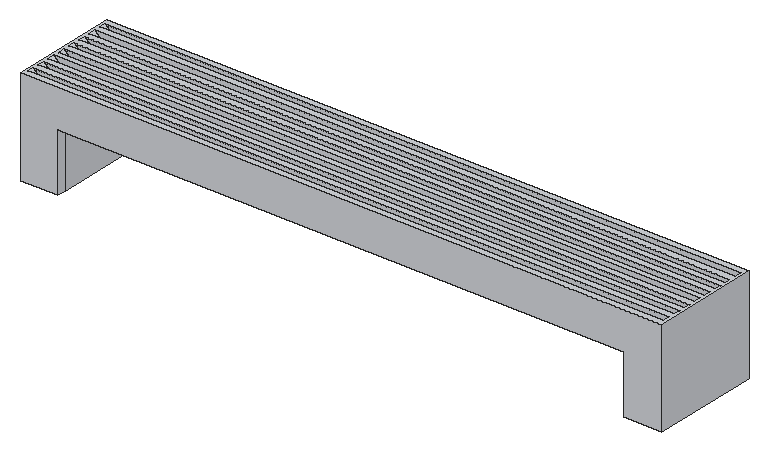
Revit family "SP09", category Mechanical Equipment, Revit 2017
Family settings
  Round Connector Dimension = Use Diameter
  Part Type = Normal
  OmniClass Number = 23.75.00.00
  OmniClass Title = Climate Control (HVAC)
  Work Plane-Based = No
  Always vertical = Yes
  Cut with Voids When Loaded = No
  Shared = No
  Room Calculation Point = No
Parameters
  Width = 203 mm
  Length = 1200 mm
  Leg height = 180 mm
  Height = 180 mm
Reference planes
  plane 1 "Center (Front/Back)": y = 0
  plane 2: z = 0
  plane 3 "Center (Left/Right)": x = 0
  plane 4: x = 0
  plane 5: x = -600
  plane 6: x = 600
  plane 7: x = -595
  plane 8: x = -580
  plane 9: x = 595
  plane 10: x = 580
  plane 11: x = 597
  plane 12: x = -597
  plane 13: z = 180
  plane 14: z = 165
  plane 15: z = 125
  plane 16: z = 110
  plane 17: y = -3
  plane 18: y = -203
  plane 19: y = -200
  plane 20: y = -185
  plane 21: y = -18
  plane 22: x = -530
  plane 23: x = 530
  plane 24: x = -533
  plane 25: x = 533
  plane 26 "Center": y = -101.5
Forms (mm)
  Extrusion 1, solid
    sketch origin (0, 0, 0) x (1, 0, 0) y (0, 0, 1)
      loop
        line (-600, 180) -> (-600, 110) -> (-595, 110) -> (-580, 125) -> (-580, 165) -> (-595, 180) -> (-600, 180)
      loop
        line (600, 180) -> (595, 180) -> (580, 165) -> (580, 125) -> (595, 110) -> (600, 110) -> (600, 180)
    from 0 to 203
  Extrusion 2, solid
    sketch origin (0, 0, 0) x (1, 0, 0) y (0, 1, 0)
      loop
        line (530, -18) -> (533, -18) -> (533, -3) -> (597, -3) -> (597, -200) -> (533, -200) -> (533, -185) -> (530, -185) -> (530, -203) -> (600, -203) -> (600, 0) -> (530, 0) -> (530, -18)
      loop
        line (-530, -18) -> (-530, 0) -> (-600, 0) -> (-600, -203) -> (-530, -203) -> (-530, -185) -> (-533, -185) -> (-533, -200) -> (-597, -200) -> (-597, -3) -> (-533, -3) -> (-533, -18) -> (-530, -18)
    from 0 to 110
  Extrusion 3, solid
    sketch origin (0, 0, 0) x (1, 0, 0) y (0, 1, 0)
      loop
        line (-595, 0) -> (-595, -11) -> (595, -11) -> (595, 0) -> (-595, 0)
    from 110 to 180
  Extrusion 4, solid
    sketch origin (0, -24, 0) x (1, 0, 0) y (0, 1, 0)
      loop
        line (-595, 0) -> (-595, -11) -> (595, -11) -> (595, 0) -> (-595, 0)
    from 110 to 180
  Extrusion 5, solid
    sketch origin (0, -48, 0) x (1, 0, 0) y (0, 1, 0)
      loop
        line (-595, 0) -> (-595, -11) -> (595, -11) -> (595, 0) -> (-595, 0)
    from 110 to 180
  Extrusion 6, solid
    sketch origin (0, -72, 0) x (1, 0, 0) y (0, 1, 0)
      loop
        line (-595, 0) -> (-595, -11) -> (595, -11) -> (595, 0) -> (-595, 0)
    from 110 to 180
  Extrusion 7, solid
    sketch origin (0, -96, 0) x (1, 0, 0) y (0, 1, 0)
      loop
        line (-595, 0) -> (-595, -11) -> (595, -11) -> (595, 0) -> (-595, 0)
    from 110 to 180
  Extrusion 8, solid
    sketch origin (0, -120, 0) x (1, 0, 0) y (0, 1, 0)
      loop
        line (-595, 0) -> (-595, -11) -> (595, -11) -> (595, 0) -> (-595, 0)
    from 110 to 180
  Extrusion 9, solid
    sketch origin (0, -144, 0) x (1, 0, 0) y (0, 1, 0)
      loop
        line (-595, 0) -> (-595, -11) -> (595, -11) -> (595, 0) -> (-595, 0)
    from 110 to 180
  Extrusion 10, solid
    sketch origin (0, -168, 0) x (1, 0, 0) y (0, 1, 0)
      loop
        line (-595, 0) -> (-595, -11) -> (595, -11) -> (595, 0) -> (-595, 0)
    from 110 to 180
  Extrusion 11, solid
    sketch origin (0, -192, 0) x (1, 0, 0) y (0, 1, 0)
      loop
        line (-595, 0) -> (-595, -11) -> (595, -11) -> (595, 0) -> (-595, 0)
    from 110 to 180
  Extrusion 12, solid
    sketch origin (0, 0, 0) x (1, 0, 0) y (0, 1, 0)
      loop
        circle (-553, -53.5) r 10.5
      loop
        circle (-553, -149.5) r 10.5
      loop
        circle (553, -53.5) r 10.5
      loop
        circle (553, -149.5) r 10.5
    from 95 to 110
  Extrusion 13, solid
    sketch origin (0, 0, 0) x (1, 0, 0) y (0, 1, 0)
      loop
        line (-533, -18) -> (-533, -185) -> (-530, -185) -> (-530, -18) -> (-533, -18)
      loop
        line (533, -18) -> (530, -18) -> (530, -185) -> (533, -185) -> (533, -18)
    from 0 to 110
Cuts and joins
  joined: Extrusion 1, Extrusion 2, Extrusion 3, Extrusion 4, Extrusion 5, Extrusion 6, Extrusion 7, Extrusion 8, Extrusion 9, Extrusion 10, Extrusion 11
Dimensions and locks
  equal spacing: plane 5, plane 4, plane 6
  "Length": plane 5 to plane 6
  locked: plane 7 to plane 8 at 15
  locked: plane 5 to plane 7 at 5
  locked: plane 9 to plane 10 at 15
  locked: plane 6 to plane 9 at 5
  locked: plane 11 to plane 6 at 3
  locked: plane 5 to plane 12 at 3
  "Height": plane 13 to level
  locked: plane 13 to plane 14 at 15
  locked: plane 13 to plane 16 at 70
  locked: plane 15 to plane 16 at 15
  "Width": plane 18 to plane 1 "Center (Front/Back)"
  locked: plane 23 to plane 6 at 70
  locked: plane 17 to plane 1 "Center (Front/Back)" at 3
  locked: plane 19 to plane 18 at 3
  locked: plane 21 to plane 1 "Center (Front/Back)" at 18
  locked: plane 20 to plane 18 at 18
  locked: plane 24 to plane 22 at 3
  locked: plane 23 to plane 25 at 3
  Extrusion 3 sketch curve to Extrusion 3 sketch curve = 11 mm
  Extrusion 4 sketch curve to Extrusion 4 sketch curve = 11 mm
  Extrusion 5 sketch curve to Extrusion 5 sketch curve = 11 mm
  Extrusion 6 sketch curve to Extrusion 6 sketch curve = 11 mm
  Extrusion 7 sketch curve to Extrusion 7 sketch curve = 11 mm
  Extrusion 8 sketch curve to Extrusion 8 sketch curve = 11 mm
  Extrusion 9 sketch curve to Extrusion 9 sketch curve = 11 mm
  Extrusion 10 sketch curve to Extrusion 10 sketch curve = 11 mm
  Extrusion 11 sketch curve to Extrusion 11 sketch curve = 11 mm
  locked: plane 5 to plane 22 at 70
  equal spacing: plane 18, plane 26 "Center", plane 1 "Center (Front/Back)"
  Extrusion 12 sketch curve to plane 1 "Center (Front/Back)" = 53.5 mm
  Extrusion 12 sketch curve to plane 18 = 53.5 mm
  locked: plane 5 to Extrusion 12 sketch curve at 47  (x2)
  locked: Extrusion 12 sketch curve to plane 1 "Center (Front/Back)" at 53.5
  locked: Extrusion 12 sketch curve to plane 18 at 53.5
  locked: Extrusion 12 sketch curve to plane 6 at 47  (x2)
  locked: plane 16 to Extrusion 12 at 15
  locked: Extrusion 3 to Extrusion 3 at 11
  locked: Extrusion 4 to Extrusion 3 at 13
  plane 21 to Extrusion 4 to Extrusion 4 = 6 mm locked, 11 mm locked
  locked: Extrusion 5 to Extrusion 4 at 13
  locked: Extrusion 5 to Extrusion 5 at 11
  locked: Extrusion 6 to Extrusion 5 at 13
  locked: Extrusion 6 to Extrusion 6 at 11
  locked: Extrusion 7 to Extrusion 6 at 13
  locked: Extrusion 7 to Extrusion 7 at 11
  locked: Extrusion 8 to Extrusion 7 at 13
  locked: Extrusion 8 to Extrusion 8 at 11
  locked: Extrusion 9 to Extrusion 8 at 13
  locked: Extrusion 9 to Extrusion 9 at 11
  locked: Extrusion 10 to Extrusion 9 at 13
  locked: Extrusion 10 to Extrusion 10 at 11
  locked: Extrusion 11 to Extrusion 10 at 13
  locked: Extrusion 11 to Extrusion 11 at 11
  aligned and locked: level to plane 2
  aligned and locked: plane 5 to Extrusion 1 sketch curve
  aligned and locked: Extrusion 1 sketch curve to plane 8
  aligned and locked: plane 16 to Extrusion 1 sketch curve
  aligned and locked: Extrusion 1 sketch curve to plane 13
  aligned and locked: Extrusion 1 sketch curve to plane 6
  aligned and locked: plane 13 to Extrusion 1 sketch curve
  aligned and locked: plane 10 to Extrusion 1 sketch curve
  aligned and locked: Extrusion 1 sketch curve to plane 16
  aligned and locked: plane 17 to Extrusion 2 sketch curve
  aligned and locked: Extrusion 2 sketch curve to plane 25  (x2)
  aligned and locked: plane 21 to Extrusion 2 sketch curve
  aligned and locked: plane 23 to Extrusion 2 sketch curve  (x2)
  aligned and locked: plane 1 "Center (Front/Back)" to Extrusion 2 sketch curve
  aligned and locked: plane 11 to Extrusion 2 sketch curve
  aligned and locked: plane 6 to Extrusion 2 sketch curve
  aligned and locked: Extrusion 2 sketch curve to plane 19
  aligned and locked: Extrusion 2 sketch curve to plane 20
  aligned and locked: plane 18 to Extrusion 2 sketch curve
  aligned and locked: plane 22 to Extrusion 2 sketch curve  (x2)
  aligned and locked: Extrusion 2 sketch curve to plane 24  (x2)
  aligned and locked: Extrusion 2 sketch curve to plane 21
  aligned and locked: Extrusion 2 sketch curve to plane 1 "Center (Front/Back)"
  aligned and locked: Extrusion 2 sketch curve to plane 17
  aligned and locked: plane 20 to Extrusion 2 sketch curve
  aligned and locked: Extrusion 2 sketch curve to plane 18
  aligned and locked: plane 19 to Extrusion 2 sketch curve
  aligned and locked: Extrusion 2 sketch curve to plane 12
  aligned and locked: Extrusion 2 sketch curve to plane 5
  aligned and locked: plane 16 to Extrusion 2
  aligned and locked: plane 13 to Extrusion 3
  aligned and locked: Extrusion 3 to plane 16
  aligned and locked: Extrusion 11 to plane 9
  aligned and locked: Extrusion 10 to plane 9
  aligned and locked: Extrusion 9 to plane 9
  aligned and locked: Extrusion 8 to plane 9
  aligned and locked: Extrusion 7 to plane 9
  aligned and locked: Extrusion 6 to plane 9
  aligned and locked: Extrusion 5 to plane 9
  aligned and locked: Extrusion 4 to plane 9
  aligned and locked: Extrusion 3 to plane 9
  aligned and locked: plane 16 to Extrusion 12
  aligned and locked: plane 13 to Extrusion 11
  aligned and locked: plane 13 to Extrusion 10
  aligned and locked: plane 13 to Extrusion 9
  aligned and locked: plane 13 to Extrusion 8
  aligned and locked: plane 13 to Extrusion 7
  aligned and locked: plane 13 to Extrusion 6
  aligned and locked: plane 13 to Extrusion 5
  aligned and locked: plane 13 to Extrusion 4
  aligned and locked: Extrusion 11 to plane 16
  aligned and locked: Extrusion 10 to plane 16
  aligned and locked: Extrusion 9 to plane 16
  aligned and locked: Extrusion 8 to plane 16
  aligned and locked: Extrusion 7 to plane 16
  aligned and locked: Extrusion 6 to plane 16
  aligned and locked: Extrusion 5 to plane 16
  aligned and locked: Extrusion 4 to plane 16
  aligned and locked: Extrusion 1 to plane 18
  aligned and locked: Extrusion 13 sketch curve to plane 21
  aligned and locked: plane 24 to Extrusion 13 sketch curve
  aligned and locked: Extrusion 13 sketch curve to plane 22
  aligned and locked: plane 20 to Extrusion 13 sketch curve
  aligned and locked: plane 21 to Extrusion 13 sketch curve
  aligned and locked: Extrusion 2 to Extrusion 13 sketch curve
  aligned and locked: plane 25 to Extrusion 13 sketch curve
  aligned and locked: Extrusion 13 sketch curve to plane 20
  aligned and locked: plane 16 to Extrusion 13
Automatic sketch dimensions
  Extrusion 1 sketch curve to plane 7 = 0 mm  (x2)
  plane 9 to Extrusion 1 sketch curve = 0 mm  (x2)
  Extrusion 1 sketch curve to plane 15 = 0 mm  (x2)
  Extrusion 1 sketch curve to plane 14 = 0 mm  (x2)
  Extrusion 3 sketch curve to Extrusion 3 sketch curve = 1190 mm
  Extrusion 4 sketch curve to Extrusion 4 sketch curve = 1190 mm
  Extrusion 5 sketch curve to Extrusion 5 sketch curve = 1190 mm
  Extrusion 6 sketch curve to Extrusion 6 sketch curve = 1190 mm
  Extrusion 7 sketch curve to Extrusion 7 sketch curve = 1190 mm
  Extrusion 8 sketch curve to Extrusion 8 sketch curve = 1190 mm
  Extrusion 9 sketch curve to Extrusion 9 sketch curve = 1190 mm
  Extrusion 10 sketch curve to Extrusion 10 sketch curve = 1190 mm
  Extrusion 11 sketch curve to Extrusion 11 sketch curve = 1190 mm
  plane 1 "Center (Front/Back)" to Extrusion 3 sketch curve = 0 mm
  Extrusion 3 sketch curve to plane 7 = 0 mm
  Extrusion 4 sketch curve to plane 7 = 0 mm
  Extrusion 4 sketch curve to plane 21 = 17 mm
  Extrusion 5 sketch curve to plane 7 = 0 mm
  Extrusion 5 sketch curve to plane 21 = 41 mm
  Extrusion 6 sketch curve to plane 7 = 0 mm
  Extrusion 6 sketch curve to plane 21 = 65 mm
  Extrusion 7 sketch curve to plane 7 = 0 mm
  Extrusion 7 sketch curve to plane 21 = 89 mm
  Extrusion 8 sketch curve to plane 7 = 0 mm
  Extrusion 8 sketch curve to plane 21 = 113 mm
  Extrusion 9 sketch curve to plane 7 = 0 mm
  Extrusion 9 sketch curve to plane 21 = 137 mm
  Extrusion 10 sketch curve to plane 7 = 0 mm
  plane 20 to Extrusion 10 sketch curve = 6 mm
  Extrusion 11 sketch curve to plane 7 = 0 mm
  Extrusion 11 sketch curve to plane 20 = 18 mm
  radius of Extrusion 12 sketch curve = 10.5 mm  (x4)
